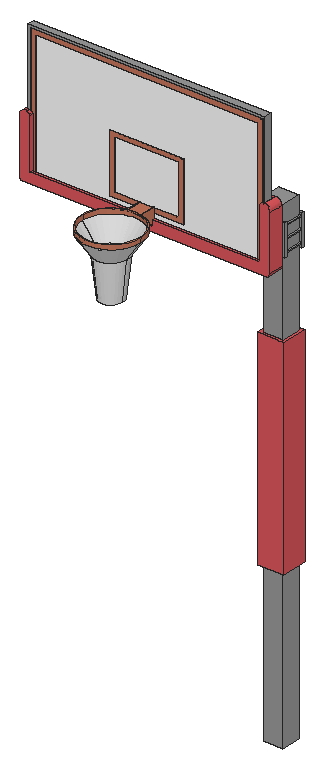
Revit family "Basketball_Backstop-Outdoor-Ultimate_Fixed_Height-IPIbyBison-BA873-74", category Specialty Equipment, Revit 2024
Family settings
  Round Connector Dimension = Use Diameter
  Part Type = Normal
  OmniClass Number = 23.40.50.34.14
  OmniClass Title = Gymnasium Equipment
  Work Plane-Based = No
  Enable Cutting in Views = No
  Always vertical = Yes
  Cut with Voids When Loaded = No
  Maintain Annotation Orientation = No
  Shared = No
  Room Calculation Point = No
Parameters (values of type "BK873-BK")
  padding color [instance] = Plastic - IPI by Bison - Scarlet SC
  URL = "https://ipibybison.com/"
  Specification = "https://www.arcat.com/company/ipi-by-bison-38554/spec"
  Product Page URL = "https://www.arcat.com/arcatcos/cos38/arc38554.html"
  Post Height = 8' - 4"
  Post Square Width = 0' - 6"
  Post Material = Steel - Galvanized - Hot Dipped
  Padding Color [instance] = Plastic - IPI by Bison - Scarlet SC
  Padding = Padding - Black
  Model = "BK873-BK"
  Manufacturer = "IPI by Bison"
  Keynote = "11 66 00"
  Hoop Finish = Powder Coat - Playground Orange
  Hoop Elevation = 10' - 0"
  Embedding Depth = 4' - 0"
  Description = "Outdoor Basketball Frame and Backboard Systems"
  Default Elevation = 0' - 0"
  Copyright = "© 2023 ARCAT"  # constant formula
  Category = ""
  CAD Details = "https://www.arcat.com/company/ipi-by-bison-38554/cad"
  Basket Type = "BA32"
  Basket Netting = Finish - IPI by Bison - White Netting
  Backboard Length = 6' - 0"
  Backboard Height = 3' - 6"
  Backboard Finish = Powder Coat - White
  Backboard BA472PC = no
  Backboard BA42RG = yes
Types (3): name | Model | Basket Type | Backboard Finish | Backboard BA472PC | Backboard BA42RG
  BA874-BK | "BA874-BK" | "BA39U" | Steel - Galvanized - Perforated | yes | no
  BA873U-BK | "BA873U-BK" | "BA32" | Powder Coat - White | no | yes
  BK873-BK | "BK873-BK" | "BA32" | Powder Coat - White | no | yes
Reference planes (in)
  plane 1 "Center (Front/Back)": y = 0
  plane 2 "Bottom": z = 0
  plane 3 "Center (Left/Right)": x = 0
  plane 4: x = -3
  plane 5: x = 3
  plane 6 "Back": y = 3
  plane 7 "Front": y = -3
  plane 8: y = -51
  plane 9: y = -48.75
  plane 10 "Left": x = -36
  plane 11 "Right": x = 36
  plane 12: z = 114.5
  plane 13: z = 120
  plane 14 "Top": z = 156.5
  plane 15: y = -51.0625
  plane 16: z = 116.75
  plane 17: y = -31.25
  plane 18: y = -33.25
  plane 19: z = -48
  plane 20: z = 100
  plane 21: z = 94.54174
  plane 22: z = 90.80259
  plane 23: z = 87.06343
  plane 24: x = -3.5
  plane 25: x = 3.5
  plane 26: x = -35.25
  plane 27: x = 35.25
  plane 28: z = 155.75
  plane 29: z = 115.25
  plane 30 "Board Center": y = -49.875
Forms (in)
  Extrusion 1, solid, material "Steel - Galvanized - Hot Dipped" <- "Post Material"
    sketch origin (0, 0, 0) x (1, 0, 0) y (0, 0, 1)
      loop
        line (-36, 114.5) -> (36, 114.5) -> (36, 156.5) -> (-36, 156.5) -> (-36, 114.5)
      loop
        line (-35.25, 155.75) -> (-35.25, 115.25) -> (35.25, 115.25) -> (35.25, 155.75) -> (-35.25, 155.75)
    from 48.75 to 51
  Extrusion 2, solid, material "Powder Coat - Playground Orange" <- "Hoop Finish", visible <- "Backboard BA42RG"
    sketch origin (0, 0, 0) x (1, 0, 0) y (0, 0, 1)
      loop
        line (-11.25, 118.5) -> (-2.25, 118.5) -> (-2.25, 120) -> (-9.75, 120) -> (-9.75, 135) -> (9.75, 135) -> (9.75, 120) -> (2.25, 120) -> (2.25, 118.5) -> (11.25, 118.5) -> (11.25, 136.5) -> (-11.25, 136.5) -> (-11.25, 118.5)
      loop
        line (-35.25, 115.25) -> (-2.25, 115.25) -> (-2.25, 116.75) -> (-33.75, 116.75) -> (-33.75, 154.25) -> (33.75, 154.25) -> (33.75, 116.75) -> (2.25, 116.75) -> (2.25, 115.25) -> (35.25, 115.25) -> (35.25, 155.75) -> (-35.25, 155.75) -> (-35.25, 115.25)
    from 51 to 51.0625
  Extrusion 3, solid, material "Steel - Galvanized - Hot Dipped" <- "Post Material"
    sketch origin (0, 0, 0) x (0, 1, 0) y (0, 0, 1)
      loop
        line (-48.75, 114.5) -> (-25.24781, 114.5) -> (-28.37601, 118.5) -> (-48.75, 118.5) -> (-48.75, 114.5)
    from -2.25 to 2.25
  Extrusion 4, solid, material "Steel - Galvanized - Hot Dipped" <- "Post Material"
    sketch origin (0, 0, 0) x (1, 0, 0) y (0, 1, 0)
      loop
        line (-3, 3) -> (-3, -3) -> (3, -3) -> (3, 3) -> (-3, 3)
    from -48 to 100
  Extrusion 5, solid, material "Steel - Galvanized - Hot Dipped" <- "Post Material"
    sketch origin (0, 0, 0) x (0, 1, 0) y (0, 0, 1)
      loop
        line (-3, 95) -> (-48.75, 153.5) -> (-48.75, 144.55198) -> (-3, 86.05198) -> (-3, 95)
    from -3 to 3
  Extrusion 6, solid, material "Steel - Galvanized - Hot Dipped" <- "Post Material"
    sketch origin (0, 0, 0) x (0, 1, 0) y (0, 0, 1)
      loop
        line (-3, 95.55319) -> (-3.5, 95.55319) -> (-3.5, 86.05198) -> (-3, 86.05198) -> (-3, 95.55319)
      loop
        line (3, 95.55319) -> (3, 86.05198) -> (3.5, 86.05198) -> (3.5, 95.55319) -> (3, 95.55319)
    from -4 to 4
  Extrusion 7, solid, material "Steel - Galvanized - Hot Dipped" <- "Post Material"
    sketch origin (0, 0, 0) x (1, 0, 0) y (0, 0, 1)
      loop
        circle (-3.5, 94.54174) r 0.25
      loop
        circle (-3.5, 87.06343) r 0.25
      loop
        circle (-3.5, 90.80259) r 0.25
      loop
        circle (3.5, 94.54174) r 0.25
      loop
        circle (3.5, 87.06343) r 0.25
      loop
        circle (3.5, 90.80259) r 0.25
    from -3 to 3
  Extrusion 8, solid, material "Powder Coat - White" <- "Backboard Finish", visible <- "Backboard BA42RG"
    sketch origin (0, 0, 0) x (1, 0, 0) y (0, 0, 1)
      loop
        line (-35.25, 155.75) -> (-35.25, 115.25) -> (35.25, 115.25) -> (35.25, 155.75) -> (-35.25, 155.75)
    from 48.75 to 51
  Extrusion 9, solid, material "Powder Coat - White" <- "Backboard Finish", visible <- "Backboard BA472PC"
    sketch origin (0, 0, 0) x (1, 0, 0) y (0, 0, 1)
      loop
        line (-35.25, 155.75) -> (-35.25, 115.25) -> (-11.25, 115.25) -> (-11.25, 136.5) -> (11.25, 136.5) -> (11.25, 115.25) -> (35.25, 115.25) -> (35.25, 155.75) -> (-35.25, 155.75)
    from 48.75 to 51
  Extrusion 10, solid, material "Steel - Galvanized - Hot Dipped" <- "Post Material", visible <- "Backboard BA472PC"
    sketch origin (0, 0, 0) x (1, 0, 0) y (0, 0, 1)
      loop
        line (-11.25, 136.5) -> (-11.25, 115.25) -> (11.25, 115.25) -> (11.25, 136.5) -> (-11.25, 136.5)
    from 48.75 to 51
  Extrusion 11, solid, material "Plastic - IPI by Bison - Scarlet SC" <- "Padding Color"
    sketch origin (0, 0, 0) x (1, 0, 0) y (0, 1, 0)
      loop
        line (-3, 3) -> (-3, -3) -> (3, -3) -> (3, 3) -> (-3, 3)
      loop
        line (4, 4) -> (-4, 4) -> (-4, -4) -> (4, -4) -> (4, 4)
    from 0 to 63.25
  Extrusion 12, solid, material "Plastic - IPI by Bison - Scarlet SC" <- "padding color"
    sketch origin (0, -49.875, 0) x (-1, 0, 0) y (0, 0, 1)
      loop
        arc (35.72165, 133.52297) -> (35.01454, 133.23008) -> (34.72165, 132.52297) r 1
        line (34.72165, 132.52297) -> (34.72165, 117.16432) -> (-35.25, 117.16432) -> (-35.25, 132.52297)
        arc (-35.25, 132.52297) -> (-35.54289, 133.23008) -> (-36.25, 133.52297) r 1
        line (-36.25, 133.52297) -> (-36.52835, 133.52297)
        arc (-36.52835, 133.52297) -> (-37.76579, 133.01041) -> (-38.27835, 131.77297) r 1.75
        line (-38.27835, 131.77297) -> (-38.27835, 115.02297)
        arc (-38.27835, 115.02297) -> (-37.98546, 114.31587) -> (-37.27835, 114.02297) r 1
        line (-37.27835, 114.02297) -> (36.72165, 114.02297)
        arc (36.72165, 114.02297) -> (37.42876, 114.31587) -> (37.72165, 115.02297) r 1
        line (37.72165, 115.02297) -> (37.72165, 131.77297)
        arc (37.72165, 131.77297) -> (37.20909, 133.01041) -> (35.97165, 133.52297) r 1.75
        line (35.97165, 133.52297) -> (35.72165, 133.52297)
    from -2.18697 to 2.14819
Dimensions and locks (in)
  equal spacing: plane 4, plane 3 "Center (Left/Right)", plane 5
  "Post Square Width": plane 4 to plane 5
  equal spacing: plane 6 "Back", plane 1 "Center (Front/Back)", plane 7 "Front"
  "Post Square Width": plane 6 "Back" to plane 7 "Front"
  locked: plane 8 to plane 7 "Front" at 48
  locked: plane 9 to plane 8 at 2.25
  equal spacing: plane 10 "Left", plane 3 "Center (Left/Right)", plane 11 "Right"
  "Backboard Length": plane 10 "Left" to plane 11 "Right"
  "Hoop Elevation": plane 13 to level
  locked: plane 13 to plane 12 at 5.5
  "Backboard Height": plane 14 "Top" to plane 12
  locked: plane 8 to plane 15 at 0.0625
  locked: plane 16 to plane 12 at 2.25
  locked: plane 17 to plane 18 at 2
  "Embedding Depth": level to plane 19
  "Post Height": plane 20 to level
  plane 20 to Extrusion 5 sketch curve to Extrusion 5 sketch curve = 0' - 5" locked, 0' - 8.94802" locked
  plane 14 "Top" to Extrusion 5 sketch curve to Extrusion 5 sketch curve = 0' - 3" locked, 0' - 8.94802" locked
  locked: plane 7 "Front" to Extrusion 6 sketch curve at 0.5
  plane 20 to Extrusion 6 sketch curve = 0' - 4.44681"
  locked: Extrusion 6 sketch curve to Extrusion 6 sketch curve at 9.50121  (x2)
  locked: Extrusion 6 sketch curve to plane 6 "Back" at 0.5
  equal spacing: Extrusion 6, plane 3 "Center (Left/Right)", Extrusion 6
  locked: Extrusion 6 to Extrusion 6 at 8
  locked: plane 4 to plane 24 at 0.5
  locked: plane 5 to plane 25 at 0.5
  locked: plane 20 to plane 21 at 5.45826
  equal spacing: plane 21, plane 22, plane 23
  locked: plane 21 to plane 23 at 7.47831
  locked: Extrusion 3 sketch curve to plane 17 at 6.00219
  locked: Extrusion 3 sketch curve to plane 17 at 2.87399
  locked: plane 26 to plane 10 "Left" at 0.75
  locked: plane 27 to plane 11 "Right" at 0.75
  locked: plane 14 "Top" to plane 28 at 0.75
  locked: plane 29 to plane 12 at 0.75
  locked: Extrusion 2 sketch curve to plane 26 at 1.5
  locked: plane 28 to Extrusion 2 sketch curve at 1.5
  locked: Extrusion 2 sketch curve to plane 27 at 1.5
  locked: Extrusion 2 sketch curve to plane 29 at 1.5  (x2)
  equal spacing: Extrusion 9 sketch curve, plane 3 "Center (Left/Right)", Extrusion 9 sketch curve
  locked: Extrusion 9 sketch curve to Extrusion 9 sketch curve at 22.5
  locked: Extrusion 9 sketch curve to plane 29 at 21.25
  equal spacing: Extrusion 10 sketch curve, plane 3 "Center (Left/Right)", Extrusion 10 sketch curve
  locked: Extrusion 10 sketch curve to Extrusion 10 sketch curve at 22.5
  locked: Extrusion 10 sketch curve to plane 29 at 21.25
  locked: Extrusion 11 sketch curve to Extrusion 4 at 1  (x3)
  locked: Extrusion 4 to Extrusion 11 sketch curve at 1
  locked: plane 9 to plane 30 "Board Center" at 1.125
  aligned and locked: plane 2 "Bottom" to level
  aligned and locked: Extrusion 1 to plane 8
  aligned and locked: plane 9 to Extrusion 1
  aligned and locked: plane 8 to Extrusion 2
  aligned and locked: Extrusion 2 to plane 15
  aligned and locked: plane 3 "Center (Left/Right)" to nested 1
  aligned and locked: plane 13 to nested 1
  aligned and locked: nested 1 to plane 8
  aligned and locked: plane 4 to Extrusion 4 sketch curve
  aligned and locked: plane 5 to Extrusion 4 sketch curve
  aligned and locked: Extrusion 4 sketch curve to plane 7 "Front"
  aligned and locked: Extrusion 4 sketch curve to plane 6 "Back"
  aligned and locked: plane 20 to Extrusion 4
  aligned and locked: Extrusion 4 to plane 19
  aligned and locked: Extrusion 5 to plane 4
  aligned and locked: Extrusion 5 to plane 5
  aligned and locked: Extrusion 5 sketch curve to plane 9
  aligned and locked: Extrusion 5 sketch curve to plane 7 "Front"
  aligned and locked: plane 9 to Extrusion 3 sketch curve
  aligned and locked: plane 12 to Extrusion 3 sketch curve
  aligned and locked: Extrusion 6 sketch curve to plane 7 "Front"
  aligned and locked: plane 6 "Back" to Extrusion 6 sketch curve
  aligned and locked: plane 24 to Extrusion 7 sketch curve  (x3)
  aligned and locked: plane 25 to Extrusion 7 sketch curve  (x3)
  aligned and locked: plane 21 to Extrusion 7 sketch curve  (x2)
  aligned and locked: plane 22 to Extrusion 7 sketch curve  (x2)
  aligned and locked: plane 23 to Extrusion 7 sketch curve  (x2)
  aligned and locked: plane 6 "Back" to Extrusion 7
  aligned and locked: plane 7 "Front" to Extrusion 7
  aligned and locked: Extrusion 1 sketch curve to plane 10 "Left"
  aligned and locked: plane 11 "Right" to Extrusion 1 sketch curve
  aligned and locked: Extrusion 1 sketch curve to plane 14 "Top"
  aligned and locked: Extrusion 1 sketch curve to plane 12
  aligned and locked: plane 26 to Extrusion 1 sketch curve
  aligned and locked: plane 27 to Extrusion 1 sketch curve
  aligned and locked: Extrusion 1 sketch curve to plane 28
  aligned and locked: plane 29 to Extrusion 1 sketch curve
  aligned and locked: plane 26 to Extrusion 8 sketch curve
  aligned and locked: plane 27 to Extrusion 8 sketch curve
  aligned and locked: Extrusion 8 sketch curve to plane 28
  aligned and locked: plane 29 to Extrusion 8 sketch curve
  aligned and locked: plane 9 to Extrusion 8
  aligned and locked: Extrusion 8 to plane 8
  aligned and locked: plane 26 to Extrusion 2 sketch curve
  aligned and locked: Extrusion 2 sketch curve to plane 28
  aligned and locked: Extrusion 2 sketch curve to plane 29
  aligned and locked: Extrusion 2 sketch curve to plane 27
  aligned and locked: plane 26 to Extrusion 9 sketch curve
  aligned and locked: Extrusion 9 sketch curve to plane 28
  aligned and locked: plane 27 to Extrusion 9 sketch curve
  aligned and locked: plane 29 to Extrusion 9 sketch curve
  aligned and locked: plane 29 to Extrusion 10 sketch curve
  aligned and locked: plane 9 to Extrusion 10
  aligned and locked: Extrusion 10 to plane 8
  aligned and locked: Extrusion 9 to plane 8
  aligned and locked: plane 9 to Extrusion 9
  aligned and locked: Extrusion 11 sketch curve to plane 4
  aligned and locked: plane 5 to Extrusion 11 sketch curve
  aligned and locked: Extrusion 11 sketch curve to plane 6 "Back"
  aligned and locked: plane 7 "Front" to Extrusion 11 sketch curve
Automatic sketch dimensions
  Extrusion 3 sketch curve to plane 13 = 0' - 1 1/2"
  Extrusion 6 sketch curve to Extrusion 6 sketch curve = 0' - 0"
  Extrusion 2 sketch curve to plane 13 = 0' - 0"  (x2)
  Extrusion 2 sketch curve to plane 29 = 0' - 0"
  Extrusion 2 sketch curve to plane 13 = 0' - 1 1/2"
  Extrusion 2 sketch curve to plane 24 = 0' - 7 3/4"
  Extrusion 2 sketch curve to Extrusion 2 sketch curve = 0' - 1 1/2"  (x4)
  plane 4 to Extrusion 2 sketch curve = 0' - 0 3/4"  (x2)
  plane 5 to Extrusion 2 sketch curve = 0' - 0 3/4"  (x2)
  plane 25 to Extrusion 2 sketch curve = 0' - 6 1/4"
  plane 13 to Extrusion 2 sketch curve = 1' - 3"
  Extrusion 9 sketch curve to plane 29 = 0' - 0"
  plane 27 to Extrusion 12 sketch curve = 0' - 0"
  Extrusion 12 sketch curve to plane 11 "Right" = 0' - 0 1/4"
  Extrusion 12 sketch curve to Extrusion 12 sketch curve = 0' - 0.27835"
  Extrusion 12 sketch curve to plane 29 = 0' - 0.22703"  (x2)
  Extrusion 12 sketch curve to plane 11 "Right" = 0' - 1.27835"
  Extrusion 12 sketch curve to Extrusion 12 sketch curve = 0' - 1 3/4"
  plane 26 to Extrusion 12 sketch curve = 0' - 0.52835"
  plane 10 "Left" to Extrusion 12 sketch curve = 0' - 0.27835"
  plane 10 "Left" to Extrusion 12 sketch curve = 0' - 0.02835"
  Extrusion 12 sketch curve to plane 10 "Left" = 0' - 0.72165"
  plane 16 to Extrusion 12 sketch curve = 0' - 0.41432"
  plane 13 to Extrusion 12 sketch curve = 0' - 11.77297"  (x2)
  radius of Extrusion 7 sketch curve = 0' - 0 1/4"  (x6)
Nested families (in)
  nested 1: "Playground-System_Heavy-Duty-4_1-2in_PR52_Basket" at (0, -51, 120), Frame <- "Hoop Finish", Netting <- "Basket Netting", type "Playground-System_Heavy-Duty-4_1-2in_PR52_Basket"
    with Netting Finish - IPI by Bison - White Netting, Frame Powder Coat - Playground Orange
Definition of nested family "Playground-System_Heavy-Duty-4_1-2in_PR52_Basket"
  Parameters (values of type "Playground-System_Heavy-Duty-4_1-2in_PR52_Basket")
    Netting [instance] = none
    Frame [instance] = none
    Default Elevation = 0' - 0"
  Reference planes (in)
    plane 1 "Center (Front/Back)": y = 0
    plane 2: z = 0
    plane 3 "Center (Left/Right)": x = 0
    plane 4 "Net": y = -13.5
    plane 5: x = -2.25
    plane 6: x = 2.25
  Forms (in)
    Extrusion 1, solid, material <- "Frame"
      sketch origin (0, 0, 0) x (1, 0, 0) y (0, 1, 0)
        loop
          circle (0, -13.5) r 9
        loop
          circle (0, -13.5) r 8.75
      from -1.38229 to 0
    Extrusion 2, solid, material <- "Frame"
      sketch origin (0, 0, 0) x (0, 1, 0) y (0, 0, 1)
        loop
          line (0, 0) -> (-4.75, 0) -> (-4.75, -1.1813) -> (0, -5.25) -> (0, 0)
      from -2.25 to -2.06458
    Extrusion 3, solid, material <- "Frame"
      sketch origin (0, 0, 0) x (0, 1, 0) y (0, 0, -1)
        loop
          line (0, 0) -> (0, 5.25) -> (-4.75, 1.1813) -> (-4.75, 0) -> (0, 0)
      from -2.25 to -2.06458
    Extrusion 4, solid, material <- "Frame"
      sketch origin (0, 0, 0) x (0, 1, 0) y (0, 0, 1)
        loop
          line (-4.75, 0) -> (-4.75, -0.25) -> (-0.25, -0.25) -> (-0.25, -5.03586) -> (0, -5.25) -> (0, 0) -> (-4.75, 0)
      from -2.06458 to 2.06458
    Revolve 5, solid, material <- "Netting"
      sketch origin (0, -13.5, 0) x (-1, 0, 0) y (0, 0, 1)
        loop
          line (9, -1.38229) -> (8.8474, -1.38229) -> (4.72063, -7.27592) -> (3.4482, -19.38229) -> (3.57389, -19.38229) -> (4.84157, -7.32114) -> (9, -1.38229)
        axis (0, -1.38229) -> (0, -19.38229)
      angle from 0 to 360
  Dimensions and locks (in)
    locked: level to Extrusion 1 at 1.38229
    locked: plane 4 "Net" to plane 1 "Center (Front/Back)" at 13.5
    equal spacing: plane 6, plane 3 "Center (Left/Right)", plane 5
    locked: plane 6 to plane 5 at 4.5
    aligned and locked: plane 2 to level
    aligned and locked: level to Extrusion 1
  Automatic sketch dimensions
    Extrusion 1 sketch curve to Extrusion 1 sketch curve = 0' - 0"  (x2)
    Extrusion 1 sketch curve to plane 3 "Center (Left/Right)" = 0' - 0"
    Extrusion 1 sketch curve to plane 4 "Net" = 0' - 0"
    Revolve 5 sketch curve to plane 3 "Center (Left/Right)" = 0' - 0"
    Revolve 5 sketch curve to plane 5 = 0' - 1.1982"
    Revolve 5 sketch curve to Revolve 5 sketch curve = 0' - 0.12569"
    Revolve 5 sketch curve to plane 5 = 0' - 2.47063"
    Revolve 5 sketch curve to Revolve 5 sketch curve = 0' - 0.12094"
    Revolve 5 sketch curve to level = 0' - 1.38229"  (x2)
    Revolve 5 sketch curve to plane 5 = 0' - 6.5974"
    Revolve 5 sketch curve to Revolve 5 sketch curve = 0' - 0.1526"
    Revolve 5 sketch curve to Revolve 5 sketch curve = 0' - 0.04522"
    Revolve 5 sketch curve to Revolve 5 sketch curve = 1' - 0.06115"
    Revolve 5 sketch curve to Revolve 5 sketch curve = 0' - 1"
    Revolve 5 sketch curve to Revolve 5 sketch curve = 0' - 5.89364"
    Extrusion 2 sketch curve to level = 0' - 0"
    Extrusion 2 sketch curve to plane 1 "Center (Front/Back)" = 0' - 0"
    Extrusion 2 sketch curve to level = 0' - 1.1813"
    plane 1 "Center (Front/Back)" to Extrusion 2 sketch curve = 0' - 4 3/4"
    Extrusion 2 sketch curve to level = 0' - 5 1/4"
    Extrusion 3 sketch curve to level = 0' - 0"
    Extrusion 3 sketch curve to plane 1 "Center (Front/Back)" = 0' - 0"
    Extrusion 3 sketch curve to level = 0' - 1.1813"
    plane 1 "Center (Front/Back)" to Extrusion 3 sketch curve = 0' - 4 3/4"
    Extrusion 3 sketch curve to level = 0' - 5 1/4"
    Extrusion 4 sketch curve to level = 0' - 0"
    Extrusion 4 sketch curve to plane 1 "Center (Front/Back)" = 0' - 0"
    plane 1 "Center (Front/Back)" to Extrusion 4 sketch curve = 0' - 0 1/4"
    Extrusion 4 sketch curve to level = 0' - 0 1/4"
    Extrusion 4 sketch curve to Extrusion 4 sketch curve = 0' - 4 1/2"
    Extrusion 4 sketch curve to Extrusion 4 sketch curve = 0' - 4.78586"
    Extrusion 4 sketch curve to Extrusion 4 sketch curve = 0' - 0.21414"
    radius of Extrusion 1 sketch curve = 0' - 9"
    radius of Extrusion 1 sketch curve = 0' - 8 3/4"
